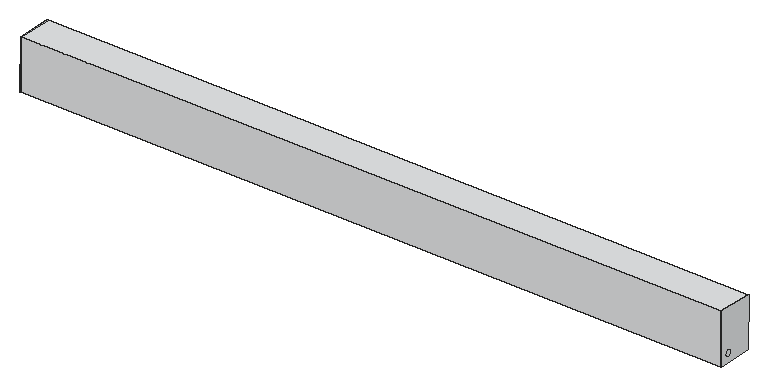
Revit family "Window_Shade-Draper_Inc.-Access_Dual_Roller_Flexshade", category Specialty Equipment, Revit 2012
Parameters (values of type "NOT A TYPE - LOAD TYPE CATALOG")
  Width = 0' - 7"
  Voltage = 110 V
  URL = "http://www.DraperInc.com"
  Overall Height = 5' - 9 1/2"
  Lowered [instance] = no
  Head Box = yes
  Fascia Material = Paint - Draper - White
  Brackets Only = no
  Bead Chain = no
  Raised [instance] = not(Lowered)  # yes
  LightBloc Channel = no
  Front Shade Material = Fabric - Draper - Green Screen Revive 5%
  Product Page URL = "http://www.draperinc.com/WindowShades/shadeProducts.asp?detail=3"
  Product Name = "Dual Roller"  # constant formula
  Product Documentation Link = "http://www.draperinc.com/filedownload.asp?pathname=WindowShades/submittals&filename=AccessDualRoller_Sub.pdf"
  Power Factor = 1
  Phase = 1
  Number of Poles = 1
  Model = "Dual Roller FlexShade"  # constant formula
  Material = ""
  Manufacturer Contact = "1-800-238-7999"  # constant formula
  Manufacturer = "Draper Inc."  # constant formula
  Length = 8' - 2 7/8"
  Frequency = 60 Hz
  Dim A = 0' - 0 7/8"
  Description = "Dual Roller Shade"  # constant formula
  Depth = 0' - 4 3/4"
  C Length = if(Length < 2' 0 1/8", 2' 0 1/8", if(Length > 14' 0", 14' 0", Length))  # 8' - 2 7/8"
  C Heigth = if(Overall Height < 0' 4", 0' 4", if(Overall Height > 14' 0", 14' 0", Overall Height))  # 5' - 9 1/2"
  Back Shade Material = Fabric - Draper - SunBloc - Series SB900
  Apparent Load = 132 VA
Reference planes (in)
  plane 1 "Center (Front/Back)": y = 0
  plane 2: z = 0
  plane 3 "Center (Left/Right)": x = 0
  plane 4 "Front": y = -4.75
  plane 5 "Left": x = -49.4375
  plane 6 "Right": x = 49.4375
  plane 7 "Bottom": z = -69.5
  plane 8: x = -49.34375
  plane 9: x = 49.34375
  plane 10: z = -68.9775
  plane 11: x = -48.5625
  plane 12: x = 48.5625
  plane 13 "Top": z = 7
  plane 14: x = -49.0625
  plane 15: x = 49.0625
Forms (in)
  Extrusion 1, solid, material "Fabric - Draper - SunBloc - Series SB900" <- "Back Shade Material", visible <- "Lowered"
    sketch origin (0, 0, 0) x (0, 1, 0) y (0, 0, 1)
      loop
        spline (-0.34453, -68.9775) -> (-0.3326, -68.9501) -> (-0.32219, -68.91429) -> (-0.31368, -68.87136) -> (-0.30737, -68.82286) -> (-0.30349, -68.77053) -> (-0.30218, -68.71625) -> (-0.30349, -68.66197) -> (-0.30737, -68.60964) -> (-0.31368, -68.56114) -> (-0.32219, -68.51822) -> (-0.3326, -68.48241) -> (-0.34453, -68.455)
        line (-0.34453, -68.455) -> (-0.40547, -68.455)
        spline (-0.40547, -68.455) -> (-0.4174, -68.48241) -> (-0.42781, -68.51822) -> (-0.43632, -68.56114) -> (-0.44263, -68.60964) -> (-0.44651, -68.66197) -> (-0.44782, -68.71625) -> (-0.44651, -68.77053) -> (-0.44263, -68.82286) -> (-0.43632, -68.87136) -> (-0.42781, -68.91429) -> (-0.4174, -68.9501) -> (-0.40547, -68.9775)
        line (-0.40547, -68.9775) -> (-0.34453, -68.9775)
    from -48.5625 to 48.5625
  Sweep 2, solid, material "Fabric - Draper - SunBloc - Series SB900" <- "Back Shade Material", visible <- "Lowered"
    path origin (0, 0, 0) x (0, 1, 0) y (0, 0, 1)
      loop
        line (-0.375, 5.125) -> (-0.375, -68.455)
    profile origin (0, -0.375, -68.455) x (1, 0, 0) y (0, 1, 0)
      loop
        line (-48.5625, 0.03125) -> (-48.5625, -0.03125) -> (48.5625, -0.03125) -> (48.5625, 0.03125) -> (-48.5625, 0.03125)
  Extrusion 3, solid, material "Fabric - Draper - Green Screen Revive 5%" <- "Front Shade Material", visible <- "Lowered"
    sketch origin (0, -0.75, 0) x (0, 1, 0) y (0, 0, 1)
      loop
        spline (-0.62504, -69.5) -> (-0.61311, -69.4726) -> (-0.6027, -69.43679) -> (-0.59419, -69.39386) -> (-0.58788, -69.34536) -> (-0.584, -69.29303) -> (-0.58269, -69.23875) -> (-0.584, -69.18447) -> (-0.58788, -69.13214) -> (-0.59419, -69.08364) -> (-0.6027, -69.04072) -> (-0.61311, -69.00491) -> (-0.62504, -68.9775)
        line (-0.62504, -68.9775) -> (-0.68598, -68.9775)
        spline (-0.68598, -68.9775) -> (-0.69791, -69.00491) -> (-0.70832, -69.04072) -> (-0.71683, -69.08364) -> (-0.72314, -69.13214) -> (-0.72702, -69.18447) -> (-0.72833, -69.23875) -> (-0.72702, -69.29303) -> (-0.72314, -69.34536) -> (-0.71683, -69.39386) -> (-0.70832, -69.43679) -> (-0.69791, -69.4726) -> (-0.68598, -69.5)
        line (-0.68598, -69.5) -> (-0.62504, -69.5)
    from -48.5625 to 48.5625
  Sweep 4, solid, material "Fabric - Draper - Green Screen Revive 5%" <- "Front Shade Material", visible <- "Lowered"
    path origin (0, -0.75, 0) x (0, 1, 0) y (0, 0, 1)
      loop
        line (-0.65551, 5.125) -> (-0.65551, -68.9775)
    profile origin (0, -1.40551, -68.9775) x (1, 0, 0) y (0, 1, 0)
      loop
        line (-48.5625, 0.03125) -> (-48.5625, -0.03125) -> (48.5625, -0.03125) -> (48.5625, 0.03125) -> (-48.5625, 0.03125)
  Extrusion 5, solid, material "Paint - Draper - White" <- "Fascia Material"
    sketch origin (0, 0, 0) x (0, 1, 0) y (0, 0, 1)
      loop
        circle (-3.62333, 1.28201) r 0.36659
    from 49.4375 to 49.49743
  Sweep 6, solid, material "Paint - Draper - White" <- "Fascia Material", visible <- "LightBloc Channel"
    path origin (0, 0, 0) x (1, 0, 0) y (0, 0, 1)
      loop
        line (-49.4375, -69.5) -> (-49.4375, 0)
    profile "Lightbloc channel : Lightbloc channel" origin (-49.4375, 0, -34.75) x (-1, 0, 0) y (0, -1, 0)
      loop
        line (-0.30779, 0.6865) -> (-0.30779, 0.0635) -> (-0.0625, 0.0635) -> (-0.0625, 0.6865) -> (-0.30779, 0.6865)
      loop
        line (0, 0) -> (0, 1.50003) -> (-0.0625, 1.50003) -> (-0.0625, 0.75) -> (-2.75, 0.75) -> (-2.75, 0.5625) -> (-2.70313, 0.5625) -> (-2.70313, 0.60944) -> (-2.67019, 0.60944) -> (-2.70313, 0.42265) -> (-2.63329, 0.42265) -> (-2.6647, 0.60944) -> (-2.63329, 0.60944) -> (-2.63329, 0.5625) -> (-2.58682, 0.5625) -> (-2.58682, 0.6865) -> (-2.48665, 0.6865) -> (-2.48665, 0.5) -> (-2.38354, 0.5) -> (-2.38354, 0.6865) -> (-0.37029, 0.6865) -> (-0.37029, 0.0635) -> (-2.38354, 0.0635) -> (-2.38354, 0.25) -> (-2.48665, 0.25) -> (-2.48665, 0.0635) -> (-2.58682, 0.0635) -> (-2.58682, 0.1875) -> (-2.63329, 0.1875) -> (-2.63329, 0.13901) -> (-2.66496, 0.13901) -> (-2.63329, 0.32735) -> (-2.70313, 0.32735) -> (-2.66992, 0.13901) -> (-2.70313, 0.13901) -> (-2.70313, 0.1875) -> (-2.75, 0.1875) -> (-2.75, 0) -> (0, 0)
  Sweep 7, solid, material "Paint - Draper - White" <- "Fascia Material", visible <- "LightBloc Channel"
    path origin (0, 0, 0) x (1, 0, 0) y (0, 0, 1)
      loop
        line (49.4375, -69.5) -> (49.4375, 0)
    profile "Lightbloc channel : Lightbloc channel" origin (49.4375, 0, -34.75) x (-1, 0, 0) y (0, -1, 0)
      loop
        line (0.30779, 0.6865) -> (0.0625, 0.6865) -> (0.0625, 0.0635) -> (0.30779, 0.0635) -> (0.30779, 0.6865)
      loop
        line (0, 0) -> (2.75, 0) -> (2.75, 0.1875) -> (2.70313, 0.1875) -> (2.70313, 0.13901) -> (2.66992, 0.13901) -> (2.70313, 0.32735) -> (2.63329, 0.32735) -> (2.66496, 0.13901) -> (2.63329, 0.13901) -> (2.63329, 0.1875) -> (2.58682, 0.1875) -> (2.58682, 0.0635) -> (2.48665, 0.0635) -> (2.48665, 0.25) -> (2.38354, 0.25) -> (2.38354, 0.0635) -> (0.37029, 0.0635) -> (0.37029, 0.6865) -> (2.38354, 0.6865) -> (2.38354, 0.5) -> (2.48665, 0.5) -> (2.48665, 0.6865) -> (2.58682, 0.6865) -> (2.58682, 0.5625) -> (2.63329, 0.5625) -> (2.63329, 0.60944) -> (2.6647, 0.60944) -> (2.63329, 0.42265) -> (2.70313, 0.42265) -> (2.67019, 0.60944) -> (2.70313, 0.60944) -> (2.70313, 0.5625) -> (2.75, 0.5625) -> (2.75, 0.75) -> (0.0625, 0.75) -> (0.0625, 1.50003) -> (0, 1.50003) -> (0, 0)
  Sweep 8, solid, material "Paint - Draper - White" <- "Fascia Material", visible <- "LightBloc Channel"
    path origin (0, 0, 0) x (1, 0, 0) y (0, 0, 1)
      loop
        line (-46.6875, -69.5) -> (46.6875, -69.5)
    profile "Lightbloc Track : Lightbloc Track" origin (0, 0, -69.5) x (0, 0, 1) y (0, -1, 0)
      loop
        line (0.0625, 0.6875) -> (0.0625, 0.0625) -> (0.71265, 0.0625) -> (0.71265, 0.6875) -> (0.0625, 0.6875)
      loop
        line (0, 0.75) -> (0, 0) -> (2.75, 0) -> (2.75, 0.1875) -> (2.6875, 0.1875) -> (2.6875, 0.0625) -> (0.77515, 0.0625) -> (0.77515, 0.6875) -> (2.6875, 0.6875) -> (2.6875, 0.5625) -> (2.75, 0.5625) -> (2.75, 0.75) -> (0, 0.75)
  Sweep 9, solid, material "Metal - Draper - Chain", visible <- "Bead Chain", detail levels medium+fine
    path origin (49.0625, -60, 48) x (0, -1, 0) y (0, 0, 1)
      loop
        line (-57.09935, -44.49322) -> (-57.22435, -44.49322)
        arc (-57.22435, -44.49322) -> (-57.75468, -44.71289) -> (-57.97435, -45.24322) r 0.75
        line (-57.97435, -45.24322) -> (-57.97435, -110.76224)
        arc (-57.97435, -110.76224) -> (-57.75468, -111.29257) -> (-57.22435, -111.51224) r 0.75
        line (-57.22435, -111.51224) -> (-57.09935, -111.51224)
        arc (-57.09935, -111.51224) -> (-56.56902, -111.29257) -> (-56.34935, -110.76224) r 0.75
        line (-56.34935, -110.76224) -> (-56.34935, -45.24322)
        arc (-56.34935, -45.24322) -> (-56.56902, -44.71289) -> (-57.09935, -44.49322) r 0.75
    profile origin (49.0625, -3.65065, -30.00273) x (0, 1, 0) y (-1, 0, 0)
      loop
        circle (0, 0) r 0.03125
  Sweep 10, solid, material "Metal - Draper - Chain", visible <- "Bead Chain", detail levels medium+fine
    path origin (-49.0625, -60, 48) x (0, -1, 0) y (0, 0, 1)
      loop
        line (-57.09935, -44.49998) -> (-57.22435, -44.49998)
        arc (-57.22435, -44.49998) -> (-57.75468, -44.71965) -> (-57.97435, -45.24998) r 0.75
        line (-57.97435, -45.24998) -> (-57.97435, -110.75369)
        arc (-57.97435, -110.75369) -> (-57.75468, -111.28402) -> (-57.22435, -111.50369) r 0.75
        line (-57.22435, -111.50369) -> (-57.09935, -111.50369)
        arc (-57.09935, -111.50369) -> (-56.56902, -111.28402) -> (-56.34935, -110.75369) r 0.75
        line (-56.34935, -110.75369) -> (-56.34935, -45.24998)
        arc (-56.34935, -45.24998) -> (-56.56902, -44.71965) -> (-57.09935, -44.49998) r 0.75
    profile origin (-49.0625, -3.65065, -30.00184) x (0, 1, 0) y (-1, 0, 0)
      loop
        circle (0, 0) r 0.03125
Lines and regions (in)
  Masking region 1
    outline origin (0, 0, 0) x (1, 0, 0) y (0, 1, 0)
      loop
        line (-49.4375, 0) -> (-49.4375, -4.75) -> (49.4375, -4.75) -> (49.4375, 0) -> (-49.4375, 0)
  Masking region 2
    outline origin (0, 0, 0) x (1, 0, 0) y (0, 1, 0)
      loop
        line (49.4375, -4.75) -> (49.4375, 0) -> (49.34375, 0) -> (49.34375, -4.75) -> (49.4375, -4.75)
  Masking region 3
    outline origin (-98.4375, 0, 0) x (1, 0, 0) y (0, 1, 0)
      loop
        line (49.09375, -4.75) -> (49.09375, 0) -> (49, 0) -> (49, -4.75) -> (49.09375, -4.75)
  Masking region 4
    outline origin (0, 0, 0) x (0, 1, 0) y (0, 0, 1)
      loop
        line (0, 7) -> (-4.75, 7) -> (-4.75, 0) -> (0, 0) -> (0, 7)
  symbolic lines, detail levels fine
    curve 1: circle (-49.19169, 0, 6.36249) r 0.0625 normal (0, -1, 0)
    curve 2: circle (49.19169, 0, 6.36249) r 0.0625 normal (0, 1, 0)
  symbolic lines, detail levels medium+fine
    curve 3: line (49.4375, -4.625, 0) -> (-49.4375, -4.625, 0)
    curve 4: line (-49.34375, -0.31526, 0) -> (49.36701, -0.31526, 0)
    curve 5: line (-49.34375, -2.19172, 0) -> (-49.34375, -0.31526, 0)
    curve 6: line (49.36701, -2.19172, 0) -> (-49.34375, -2.19172, 0)
    curve 7: line (49.36701, -0.31526, 0) -> (49.36701, -2.19172, 0)
Dimensions and locks (in)
  plane 1 "Center (Front/Back)" to plane 4 "Front" = 0' - 4 3/4"
  locked: plane 10 to plane 7 "Bottom" at 0.5225
  "Dim A": plane 5 "Left" to plane 11
  "Dim A": plane 12 to plane 6 "Right"
  Sweep 2 sketch curve to profile plane to Sweep 2 sketch curve = 0' - 0 1/32" locked, 0' - 0 1/32" locked
  plane 13 "Top" to Sweep 2 sketch curve = 0' - 1 7/8"
  "Depth": plane 1 "Center (Front/Back)" to plane 4 "Front"
  "Overall Height": plane 7 "Bottom" to level
  equal spacing: plane 5 "Left", plane 3 "Center (Left/Right)", plane 6 "Right"
  "Length": plane 5 "Left" to plane 6 "Right"
  locked: plane 10 to Sweep 2 sketch curve at 0.5225
  plane 1 "Center (Front/Back)" to Sweep 2 sketch curve = 0' - 0 3/8"
  locked: plane 13 "Top" to curve 1 at 0.63751
  locked: plane 5 "Left" to curve 1 at 0.24581
  locked: curve 2 to plane 6 "Right" at 0.24581
  locked: plane 13 "Top" to curve 2 at 0.63751
  "Width": plane 13 "Top" to plane 2
  Extrusion 1 sketch curve to Extrusion 1 sketch curve to Extrusion 1 sketch curve = 0' - 0.07282" locked, 0' - 0.07282" locked
  locked: plane 5 "Left" to plane 8 at 0.09375
  locked: plane 9 to plane 6 "Right" at 0.09375
  Sweep 4 sketch curve to profile plane to Sweep 4 sketch curve = 0' - 0 1/32" locked, 0' - 0 1/32" locked
  Extrusion 3 sketch curve to Extrusion 3 sketch curve to Extrusion 3 sketch curve = 0' - 0.07282" locked, 0' - 0.07282" locked
  locked: plane 1 "Center (Front/Back)" to Sweep 4 sketch curve at 1.40551
  locked: plane 13 "Top" to Sweep 4 sketch curve at 1.875
  locked: plane 10 to Sweep 4 sketch curve at 0
  locked: plane 10 to Extrusion 1 sketch curve at 0.5225
  locked: plane 6 "Right" to Extrusion 5 at 0.05993
  locked: plane 4 "Front" to Extrusion 5 sketch curve at 1.12667
  locked: Extrusion 5 sketch curve to plane 2 at 1.28201
  locked: plane 5 "Left" to Sweep 8 sketch curve at 2.75
  locked: Sweep 8 sketch curve to plane 6 "Right" at 2.75
  Sweep 9 sketch curve to Sweep 9 sketch curve to plane 1 "Center (Front/Back)" = 0' - 1 5/8" locked, 0' - 2.02565" locked
  Sweep 10 sketch curve to Sweep 10 sketch curve to plane 1 "Center (Front/Back)" = 0' - 1 5/8" locked, 0' - 2.02565" locked
  locked: plane 5 "Left" to plane 14 at 0.375
  locked: plane 15 to plane 6 "Right" at 0.375
  locked: Sweep 10 sketch curve to plane 7 "Bottom" at 5.99631
  locked: Sweep 10 sketch curve to plane 7 "Bottom" at 6.74631  (x2)
  locked: plane 13 "Top" to Sweep 10 sketch curve at 3.49998
  locked: plane 13 "Top" to Sweep 10 sketch curve at 4.24998  (x2)
  locked: Sweep 9 sketch curve to plane 7 "Bottom" at 5.98776
  locked: Sweep 9 sketch curve to plane 7 "Bottom" at 6.73776  (x2)
  locked: plane 13 "Top" to Sweep 9 sketch curve at 3.49322
  locked: plane 13 "Top" to Sweep 9 sketch curve at 4.24322  (x2)
  aligned and locked: level to plane 2
  aligned and locked: plane 11 to Sweep 2 sketch curve
  aligned and locked: Sweep 2 sketch curve to plane 12
  aligned and locked: plane 4 "Front" to Masking region 2 sketch curve
  aligned and locked: plane 1 "Center (Front/Back)" to Masking region 3 sketch curve
  aligned and locked: plane 8 to Masking region 3 sketch curve
  aligned and locked: Masking region 3 sketch curve to plane 5 "Left"
  aligned and locked: plane 4 "Front" to Masking region 3 sketch curve
  aligned and locked: plane 11 to Extrusion 1
  aligned and locked: Extrusion 1 to plane 12
  aligned and locked: plane 1 "Center (Front/Back)" to Masking region 1 sketch curve
  aligned and locked: Masking region 1 sketch curve to plane 5 "Left"
  aligned and locked: Masking region 1 sketch curve to plane 4 "Front"
  aligned and locked: Masking region 1 sketch curve to plane 6 "Right"
  aligned and locked: plane 6 "Right" to curve 3
  aligned and locked: plane 5 "Left" to curve 3
  aligned and locked: plane 10 to Extrusion 3 sketch curve
  aligned and locked: plane 7 "Bottom" to Extrusion 3 sketch curve
  aligned and locked: Extrusion 1 sketch curve to plane 10
  aligned and locked: plane 6 "Right" to Extrusion 5
  aligned and locked: Sweep 4 sketch curve to plane 11
  aligned and locked: plane 12 to Sweep 4 sketch curve
  aligned and locked: Extrusion 3 to plane 12
  aligned and locked: plane 11 to Extrusion 3
  aligned and locked: Sweep 6 sketch curve to plane 5 "Left"
  aligned and locked: plane 7 "Bottom" to Sweep 6 sketch curve
  aligned and locked: plane 2 to Sweep 6 sketch curve
  aligned and locked: Sweep 7 sketch curve to plane 6 "Right"
  aligned and locked: plane 7 "Bottom" to Sweep 7 sketch curve
  aligned and locked: plane 2 to Sweep 7 sketch curve
  aligned and locked: Sweep 8 sketch curve to plane 7 "Bottom"
  aligned and locked: plane 3 "Center (Left/Right)" to nested 1
  aligned and locked: plane 1 "Center (Front/Back)" to nested 1
  aligned and locked: plane 13 "Top" to nested 1
  aligned and locked: plane 3 "Center (Left/Right)" to nested 2
  aligned and locked: plane 1 "Center (Front/Back)" to nested 2
  aligned and locked: plane 2 to nested 2
  aligned and locked: Sweep 9 sketch curve to Sweep 9 sketch curve  (x3)
  aligned and locked: Sweep 10 sketch curve to Sweep 10 sketch curve  (x3)
Automatic sketch dimensions
  plane 1 "Center (Front/Back)" to Extrusion 1 sketch curve = 0' - 0.40547"
  Extrusion 1 sketch curve to Extrusion 1 sketch curve = 0' - 0"  (x2)
  Extrusion 1 sketch curve to Extrusion 1 sketch curve = 0' - 0.03047"  (x2)
  Extrusion 1 sketch curve to Extrusion 1 sketch curve = 0' - 0.06093"
  plane 1 "Center (Front/Back)" to Masking region 2 sketch curve = 0' - 0"
  plane 1 "Center (Front/Back)" to Extrusion 3 sketch curve = 0' - 1.43598"
  Extrusion 3 sketch curve to Extrusion 3 sketch curve = 0' - 0"  (x2)
  Extrusion 3 sketch curve to Extrusion 3 sketch curve = 0' - 0.03047"  (x2)
  Extrusion 3 sketch curve to Extrusion 3 sketch curve = 0' - 0.06093"
  plane 4 "Front" to curve 3 = 0' - 0 1/8"
  curve 4 to plane 8 = 0' - 0"
  curve 6 to plane 9 = 0' - 0.02326"
  plane 1 "Center (Front/Back)" to curve 6 = 0' - 2.19172"
  plane 1 "Center (Front/Back)" to curve 4 = 0' - 0.31526"
  Masking region 4 sketch curve to plane 4 "Front" = 0' - 0"
  Masking region 4 sketch curve to plane 1 "Center (Front/Back)" = 0' - 0"
  Masking region 4 sketch curve to plane 13 "Top" = 0' - 0"
  Masking region 2 sketch curve to plane 9 = 0' - 0"
  Masking region 2 sketch curve to plane 6 "Right" = 0' - 0"
  Masking region 4 sketch curve to level = 0' - 0"
  profile plane to Sweep 9 sketch curve = 0' - 0"
  Sweep 9 sketch curve to profile plane = 0' - 0"
  profile plane to Sweep 10 sketch curve = 0' - 0"
  Sweep 10 sketch curve to profile plane = 0' - 0"
  radius of curve 1 = 0' - 0 1/16"
  radius of curve 2 = 0' - 0 1/16"
  radius of Extrusion 5 sketch curve = 0' - 0.36659"
  radius of Sweep 9 sketch curve = 0' - 0 1/32"
  radius of Sweep 10 sketch curve = 0' - 0 1/32"
Nested families (in)
  nested 1: "Headbox Dual Roller" at (0, 0, 0), visible <- "Head Box", type "Headbox Dual Roller"
  nested 2: "Brackets Dual Roller" at (0, 0, 0), visible <- "Brackets Only", type "Brackets Dual Roller"
Connectors (in)
  electrical at (49.49743, -3.62333, 1.28201), driven by "Number of Poles", driven by "Voltage", driven by "Apparent Load", driven by "Power Factor"
    settings: on Extrusion 5, index 1, voltage 110 V, apparent load 0 VA, apparent load phase1 132 VA, apparent load phase2 0 VA, apparent load phase3 0 VA, power factor 1, load classification "Other", number of poles 1, system type 31, power factor state 1, is connector primary yes, connector utility no, sub classification motor no, connector description "Power Connection"
Definition of nested family "Headbox Dual Roller"
  Parameters (values of type "Headbox Dual Roller")
    Width = 0' - 7"
    URL = "http://www.DraperInc.com"
    Product Page URL = "http://www.draperinc.com/WindowShades/shadeProducts.asp?detail=16"
    Product Name = "Dual Roller"  # constant formula
    Product Documentation Link = "http://www.draperinc.com/filedownload.asp?pathname=WindowShades/CAD&filename=AccessDualRoller.pdf"
    Model = "Dual Roller FlexShade"  # constant formula
    Manufacturer Contact = "1-800-238-7999"  # constant formula
    Manufacturer = "Draper Inc."  # constant formula
    Overall Height = 3' - 0"
    Length = 8' - 2 7/8"
    Fascia Material = none
    Dim A = 0' - 0 31/32"
    Description = "Dual Roller Shade"  # constant formula
    Depth = 0' - 4 3/4"
  Reference planes (in)
    plane 1 "Center (Front/Back)": y = 0
    plane 2: z = 0
    plane 3 "Center (Left/Right)": x = 0
    plane 4 "Front": y = -4.75
    plane 5 "Left": x = -49.4375
    plane 6 "Right": x = 49.4375
    plane 7: x = -49.34375
    plane 8: x = 49.34375
    plane 9: x = -48.46875
    plane 10: x = 48.46875
    plane 11 "Top": z = 7
  Forms (in)
    Extrusion 1, solid, material <- "Fascia Material"
      sketch origin (0, 0, 0) x (0, 1, 0) y (0, 0, 1)
        loop
          line (0, 7) -> (-4.75, 7) -> (-4.75, 0) -> (-2.19172, 0) -> (-2.19172, 0.125) -> (-4.625, 0.125) -> (-4.625, 6.875) -> (-0.125, 6.875) -> (-0.125, 0.125) -> (-0.31526, 0.125) -> (-0.31526, 0) -> (0, 0) -> (0, 7)
      from -49.34375 to 49.36701
    Extrusion 2, solid, material <- "Fascia Material"
      sketch origin (0, 0, 0) x (0, 1, 0) y (0, 0, 1)
        loop
          line (-4.75, 7) -> (-4.75, 0) -> (0, 0) -> (0, 7) -> (-4.75, 7)
      from 49.34375 to 49.4375
    Extrusion 3, solid, material <- "Fascia Material"
      sketch origin (0, 0, 0) x (0, 1, 0) y (0, 0, 1)
        loop
          line (0, 7) -> (-4.75, 7) -> (-4.75, 0) -> (0, 0) -> (0, 7)
      from -49.4375 to -49.34375
    Extrusion 4, solid, material <- "Fascia Material"
      sketch origin (0, 0, 0) x (0, 1, 0) y (0, 0, 1)
        loop
          circle (-3.62333, 1.28201) r 0.36659
      from 49.4375 to 49.49743
  Lines and regions (in)
    Masking region 1
      outline origin (0, 0, 0) x (1, 0, 0) y (0, 1, 0)
        loop
          line (-49.4375, 0) -> (-49.4375, -4.75) -> (49.4375, -4.75) -> (49.4375, 0) -> (-49.4375, 0)
    Masking region 2
      outline origin (0, 0, 0) x (1, 0, 0) y (0, 1, 0)
        loop
          line (49.4375, -4.75) -> (49.4375, 0) -> (49.34375, 0) -> (49.34375, -4.75) -> (49.4375, -4.75)
    Masking region 3
      outline origin (-98.4375, 0, 0) x (1, 0, 0) y (0, 1, 0)
        loop
          line (49.09375, -4.75) -> (49.09375, 0) -> (49, 0) -> (49, -4.75) -> (49.09375, -4.75)
    Masking region 4
      outline origin (0, 0, 0) x (0, 1, 0) y (0, 0, 1)
        loop
          line (0, 7) -> (-4.75, 7) -> (-4.75, 0) -> (0, 0) -> (0, 7)
    symbolic lines, detail levels fine
      curve 1: circle (-49.19169, 0, 6.36249) r 0.0625 normal (0, -1, 0)
      curve 2: circle (49.19169, 0, 6.36249) r 0.0625 normal (0, 1, 0)
    symbolic lines, detail levels medium+fine
      curve 3: line (49.4375, -4.625, 0) -> (-49.4375, -4.625, 0)
      curve 4: line (-49.34375, -0.31526, 0) -> (49.36701, -0.31526, 0)
      curve 5: line (-49.34375, -2.19172, 0) -> (-49.34375, -0.31526, 0)
      curve 6: line (49.36701, -2.19172, 0) -> (-49.34375, -2.19172, 0)
      curve 7: line (49.36701, -0.31526, 0) -> (49.36701, -2.19172, 0)
  Dimensions and locks (in)
    plane 1 "Center (Front/Back)" to plane 4 "Front" = 0' - 4 3/4"
    "Dim A": plane 5 "Left" to plane 9
    "Dim A": plane 10 to plane 6 "Right"
    "Depth": plane 1 "Center (Front/Back)" to plane 4 "Front"
    equal spacing: plane 5 "Left", plane 3 "Center (Left/Right)", plane 6 "Right"
    "Length": plane 5 "Left" to plane 6 "Right"
    plane 5 "Left" to Extrusion 1 = 0' - 0 3/32"
    locked: Extrusion 1 to plane 6 "Right" at 0.07049
    locked: plane 11 "Top" to curve 1 at 0.63751
    locked: plane 5 "Left" to curve 1 at 0.24581
    locked: curve 2 to plane 6 "Right" at 0.24581
    locked: plane 11 "Top" to curve 2 at 0.63751
    "Width": plane 11 "Top" to plane 2
    locked: plane 1 "Center (Front/Back)" to Extrusion 1 sketch curve at 0.125
    locked: Extrusion 1 sketch curve to plane 4 "Front" at 0.125
    locked: plane 11 "Top" to Extrusion 1 sketch curve at 0.125
    locked: Extrusion 1 sketch curve to plane 2 at 0.125  (x2)
    locked: Extrusion 1 to plane 4 "Front" at 0.125
    locked: plane 5 "Left" to plane 7 at 0.09375
    locked: plane 8 to plane 6 "Right" at 0.09375
    Extrusion 1 sketch curve to Extrusion 1 sketch curve to plane 4 "Front" = 0' - 1.87646" locked, 0' - 2.55828" locked
    locked: plane 6 "Right" to Extrusion 4 at 0.05993
    locked: plane 4 "Front" to Extrusion 4 sketch curve at 1.12667
    locked: Extrusion 4 sketch curve to plane 2 at 1.28201
    aligned and locked: level to plane 2
    aligned and locked: Extrusion 2 to plane 6 "Right"
    aligned and locked: plane 8 to Extrusion 2
    aligned and locked: plane 5 "Left" to Extrusion 3
    aligned and locked: Extrusion 3 to plane 7
    aligned and locked: Masking region 2 sketch curve to Extrusion 2  (x2)
    aligned and locked: plane 4 "Front" to Masking region 2 sketch curve
    aligned and locked: plane 1 "Center (Front/Back)" to Masking region 3 sketch curve
    aligned and locked: plane 7 to Masking region 3 sketch curve
    aligned and locked: Masking region 3 sketch curve to plane 5 "Left"
    aligned and locked: plane 4 "Front" to Masking region 3 sketch curve
    aligned and locked: plane 11 "Top" to Extrusion 3 sketch curve
    aligned and locked: Extrusion 3 sketch curve to plane 1 "Center (Front/Back)"
    aligned and locked: Extrusion 3 sketch curve to level
    aligned and locked: Extrusion 3 sketch curve to plane 4 "Front"
    aligned and locked: Extrusion 1 sketch curve to Extrusion 2  (x4)
    aligned and locked: plane 7 to Extrusion 1
    aligned and locked: plane 1 "Center (Front/Back)" to Masking region 1 sketch curve
    aligned and locked: Masking region 1 sketch curve to plane 5 "Left"
    aligned and locked: Masking region 1 sketch curve to plane 4 "Front"
    aligned and locked: Masking region 1 sketch curve to plane 6 "Right"
    aligned and locked: plane 6 "Right" to curve 3
    aligned and locked: plane 5 "Left" to curve 3
    aligned and locked: Masking region 4 sketch curve to Extrusion 1  (x3)
    aligned and locked: Masking region 4 sketch curve to Extrusion 2
    aligned and locked: plane 6 "Right" to Extrusion 4
    aligned and locked: curve 4 to Extrusion 1
    aligned and locked: curve 5 to Extrusion 1
    aligned and locked: curve 6 to Extrusion 1
    aligned and locked: curve 7 to Extrusion 1
  Automatic sketch dimensions
    Extrusion 2 sketch curve to level = 0' - 0"
    Extrusion 2 sketch curve to plane 4 "Front" = 0' - 0"
    Extrusion 2 sketch curve to plane 1 "Center (Front/Back)" = 0' - 0"
    Extrusion 2 sketch curve to plane 11 "Top" = 0' - 0"
    plane 1 "Center (Front/Back)" to Masking region 2 sketch curve = 0' - 0"
    Extrusion 1 sketch curve to level = 0' - 0"
    plane 4 "Front" to curve 3 = 0' - 0 1/8"
    radius of curve 1 = 0' - 0 1/16"
    radius of curve 2 = 0' - 0 1/16"
    radius of Extrusion 4 sketch curve = 0' - 0.36659"
Definition of nested family "Brackets Dual Roller"
  Parameters (values of type "Brackets Dual Roller")
    Width = 0' - 7"
    URL = "http://www.DraperInc.com"
    Shade Material = none
    Product Page URL = "http://www.draperinc.com/WindowShades/shadeProducts.asp?detail=16"
    Product Name = "Dual Roller"  # constant formula
    Product Documentation Link = "http://www.draperinc.com/filedownload.asp?pathname=WindowShades/CAD&filename=AccessDualRoller.pdf"
    Model = "Dual Roller FlexShade"  # constant formula
    Manufacturer Contact = "1-800-238-7999"  # constant formula
    Manufacturer = "Draper Inc."  # constant formula
    Overall Height = 3' - 0"
    Length = 8' - 2 7/8"
    Fascia Material = none
    Dim A = 0' - 0 31/32"
    Description = "Dual Roller Shade"  # constant formula
    Depth = 0' - 4 3/4"
  Reference planes (in)
    plane 1 "Center (Front/Back)": y = 0
    plane 2: z = 0
    plane 3 "Center (Left/Right)": x = 0
    plane 4 "Front": y = -4.75
    plane 5 "Left": x = -49.4375
    plane 6 "Right": x = 49.4375
    plane 7: x = -49.34375
    plane 8: x = 49.34375
    plane 9: x = -48.46875
    plane 10: x = 48.46875
    plane 11 "Top": z = 7
  Forms (in)
    Extrusion 1, solid, material <- "Shade Material"
      sketch origin (0, 0, 0) x (0, 1, 0) y (0, 0, 1)
        loop
          circle (-1.60551, 5.18732) r 1.39537
        loop
          circle (-2.88262, 1.98168) r 1.51845
      from -49.34375 to 49.36701
    Extrusion 2, solid, material <- "Fascia Material"
      sketch origin (0, 0, 0) x (0, 1, 0) y (0, 0, 1)
        loop
          line (-4.75, 7) -> (-4.75, 0) -> (0, 0) -> (0, 7) -> (-4.75, 7)
      from 49.34375 to 49.4375
    Extrusion 3, solid, material <- "Fascia Material"
      sketch origin (0, 0, 0) x (0, 1, 0) y (0, 0, 1)
        loop
          line (0, 7) -> (-4.75, 7) -> (-4.75, 0) -> (0, 0) -> (0, 7)
      from -49.4375 to -49.34375
    Extrusion 4, solid, material <- "Fascia Material"
      sketch origin (0, 0, 0) x (0, 1, 0) y (0, 0, 1)
        loop
          circle (-3.62333, 1.28201) r 0.36659
      from 49.4375 to 49.49743
  Lines and regions (in)
    Masking region 1
      outline origin (0, 0, 0) x (1, 0, 0) y (0, 1, 0)
        loop
          line (-49.4375, 0) -> (-49.4375, -4.75) -> (49.4375, -4.75) -> (49.4375, 0) -> (-49.4375, 0)
    Masking region 2
      outline origin (0, 0, 0) x (1, 0, 0) y (0, 1, 0)
        loop
          line (49.4375, -4.75) -> (49.4375, 0) -> (49.34375, 0) -> (49.34375, -4.75) -> (49.4375, -4.75)
    Masking region 3
      outline origin (-98.4375, 0, 0) x (1, 0, 0) y (0, 1, 0)
        loop
          line (49.09375, -4.75) -> (49.09375, 0) -> (49, 0) -> (49, -4.75) -> (49.09375, -4.75)
    Masking region 4
      outline origin (0, 0, 0) x (0, 1, 0) y (0, 0, 1)
        loop
          line (0, 7) -> (-4.75, 7) -> (-4.75, 0) -> (0, 0) -> (0, 7)
    symbolic lines, detail levels fine
      curve 1: circle (-49.19169, 0, 6.36249) r 0.0625 normal (0, -1, 0)
      curve 2: circle (49.19169, 0, 6.36249) r 0.0625 normal (0, 1, 0)
    symbolic lines, detail levels medium+fine
      curve 3: line (49.4375, -4.625, 0) -> (-49.4375, -4.625, 0)
      curve 4: line (-49.34375, -0.31526, 0) -> (49.36701, -0.31526, 0)
      curve 5: line (-49.34375, -2.19172, 0) -> (-49.34375, -0.31526, 0)
      curve 6: line (49.36701, -2.19172, 0) -> (-49.34375, -2.19172, 0)
      curve 7: line (49.36701, -0.31526, 0) -> (49.36701, -2.19172, 0)
    symbolic lines, style "SpecialityEquipment"
      curve 8: line (0, 0, 6.96664) -> (0, -4.75, 6.96664)
      curve 9: line (0, 0, 0) -> (0, 0, 6.96664)
      curve 10: line (0, -4.75, 0) -> (0, 0, 0)
      curve 11: line (0, -4.75, 6.96664) -> (0, -4.75, 0)
      curve 12: circle (0, -1.60551, 5.18732) r 1.39537 normal (1, 0, 0)
      curve 13: circle (0, -2.88262, 1.98168) r 1.51845 normal (1, 0, 0)
  Dimensions and locks (in)
    plane 1 "Center (Front/Back)" to plane 4 "Front" = 0' - 4 3/4"
    "Dim A": plane 5 "Left" to plane 9
    "Dim A": plane 10 to plane 6 "Right"
    "Depth": plane 1 "Center (Front/Back)" to plane 4 "Front"
    equal spacing: plane 5 "Left", plane 3 "Center (Left/Right)", plane 6 "Right"
    "Length": plane 5 "Left" to plane 6 "Right"
    plane 5 "Left" to Extrusion 1 = 0' - 0 3/32"
    locked: Extrusion 1 to plane 6 "Right" at 0.07049
    locked: plane 11 "Top" to curve 1 at 0.63751
    locked: plane 5 "Left" to curve 1 at 0.24581
    locked: curve 2 to plane 6 "Right" at 0.24581
    locked: plane 11 "Top" to curve 2 at 0.63751
    "Width": plane 11 "Top" to plane 2
    locked: plane 5 "Left" to plane 7 at 0.09375
    locked: plane 8 to plane 6 "Right" at 0.09375
    locked: plane 6 "Right" to Extrusion 4 at 0.05993
    locked: plane 4 "Front" to Extrusion 4 sketch curve at 1.12667
    locked: Extrusion 4 sketch curve to plane 2 at 1.28201
    aligned and locked: level to plane 2
    aligned and locked: Extrusion 2 to plane 6 "Right"
    aligned and locked: plane 8 to Extrusion 2
    aligned and locked: plane 5 "Left" to Extrusion 3
    aligned and locked: Extrusion 3 to plane 7
    aligned and locked: Masking region 2 sketch curve to Extrusion 2  (x2)
    aligned and locked: plane 4 "Front" to Masking region 2 sketch curve
    aligned and locked: plane 1 "Center (Front/Back)" to Masking region 3 sketch curve
    aligned and locked: plane 7 to Masking region 3 sketch curve
    aligned and locked: Masking region 3 sketch curve to plane 5 "Left"
    aligned and locked: plane 4 "Front" to Masking region 3 sketch curve
    aligned and locked: plane 11 "Top" to Extrusion 3 sketch curve
    aligned and locked: Extrusion 3 sketch curve to plane 1 "Center (Front/Back)"
    aligned and locked: Extrusion 3 sketch curve to level
    aligned and locked: Extrusion 3 sketch curve to plane 4 "Front"
    aligned and locked: plane 7 to Extrusion 1
    aligned and locked: plane 1 "Center (Front/Back)" to Masking region 1 sketch curve
    aligned and locked: Masking region 1 sketch curve to plane 5 "Left"
    aligned and locked: Masking region 1 sketch curve to plane 4 "Front"
    aligned and locked: Masking region 1 sketch curve to plane 6 "Right"
    aligned and locked: plane 6 "Right" to curve 3
    aligned and locked: plane 5 "Left" to curve 3
    aligned and locked: Masking region 4 sketch curve to Extrusion 2
    aligned and locked: plane 6 "Right" to Extrusion 4
    aligned and locked: curve 5 to Extrusion 1
    aligned and locked: curve 7 to Extrusion 1
  Automatic sketch dimensions
    Extrusion 2 sketch curve to level = 0' - 0"
    Extrusion 2 sketch curve to plane 4 "Front" = 0' - 0"
    Extrusion 2 sketch curve to plane 1 "Center (Front/Back)" = 0' - 0"
    Extrusion 2 sketch curve to plane 11 "Top" = 0' - 0"
    plane 1 "Center (Front/Back)" to Masking region 2 sketch curve = 0' - 0"
    plane 4 "Front" to curve 3 = 0' - 0 1/8"
    plane 4 "Front" to curve 8 = 0' - 0"
    curve 10 to curve 13 = 0' - 1.86738"
    curve 13 to curve 12 = 0' - 1.2771"
    curve 13 to curve 9 = 0' - 2.88262"
    curve 11 to plane 11 "Top" = 0' - 7"
    curve 10 to curve 13 = 0' - 1.98168"
    curve 13 to curve 12 = 0' - 3.20564"
    curve 12 to curve 8 = 0' - 1.77932"
    plane 1 "Center (Front/Back)" to curve 6 = 0' - 2.19172"
    plane 1 "Center (Front/Back)" to curve 4 = 0' - 0.31526"
    Masking region 4 sketch curve to plane 4 "Front" = 0' - 0"
    Masking region 4 sketch curve to plane 1 "Center (Front/Back)" = 0' - 0"
    Masking region 4 sketch curve to plane 11 "Top" = 0' - 0"
    radius of curve 1 = 0' - 0 1/16"
    radius of curve 2 = 0' - 0 1/16"
    radius of Extrusion 4 sketch curve = 0' - 0.36659"
    radius of curve 12 = 0' - 1.39537"
    radius of curve 13 = 0' - 1.51845"
Types in the file's own list only (12): name | Width | Voltage | Overall Height | Head Box | Brackets Only | Bead Chain | Product Page URL | Power Factor | Length | Frequency | Dim A | Depth | C Length | C Heigth | Back Shade Material | Apparent Load
  Headbox - 110V Standard/ILT | 7" | 110 V | 5' - 9 1/2" | Yes | No | No | "http://www.draperinc.com/WindowShades/shadeProducts.asp?detail=3" | 1 | 8' - 2 7/8" | 60 Hz | 7/8" | 4 3/4" | 8' - 2 7/8" | 5' - 9 1/2" | Fabric - Draper - SunBloc - Series SB900 | 132 VA
  Headbox - 220V Standard/ILT | 7" | 220 V | 5' - 9 1/2" | Yes | No | No | "http://www.draperinc.com/WindowShades/shadeProducts.asp?detail=3" | 1 | 8' - 2 7/8" | 60 Hz | 7/8" | 4 3/4" | 8' - 2 7/8" | 5' - 9 1/2" | Fabric - Draper - SunBloc - Series SB900 | 132 VA
  Headbox - 110V Quiet | 7" | 110 V | 5' - 9 1/2" | Yes | No | No | "http://www.draperinc.com/WindowShades/shadeProducts.asp?detail=3" | 1 | 8' - 2 7/8" | 60 Hz | 31/32" | 4 3/4" | 8' - 2 7/8" | 5' - 9 1/2" | Fabric - Draper - SunBloc - Series SB900 | 132 VA
  Headbox - 220V Quiet | 7" | 110 V | 5' - 9 1/2" | Yes | No | No | "http://www.draperinc.com/WindowShades/shadeProducts.asp?detail=3" | 1 | 8' - 2 7/8" | 60 Hz | 31/32" | 4 3/4" | 8' - 2 7/8" | 5' - 9 1/2" | Fabric - Draper - SunBloc - Series SB900 | 132 VA
  Headbox - Battery/24V | 7" | 0 V | 5' - 9 1/2" | Yes | No | No | "http://www.draperinc.com/WindowShades/shadeProducts.asp?detail=3" | 0 | 8' - 2 7/8" | 0 Hz | 31/32" | 4 3/4" | 8' - 2 7/8" | 5' - 9 1/2" | Paint - Draper - White | 0 VA
  Headbox - Bead Chain Clutch | 7" | 0 V | 3' - 0" | Yes | No | Yes | "http://www.draperinc.com/WindowShades/shadeProducts.asp?detail=16" | 0 | 3' - 0" | 0 Hz | 31/32" | 4 3/4" | 3' - 0" | 3' - 0" | Fabric - Draper - SunBloc - Series SB900 | 0 VA
  Brackets Only - 110V Quiet | 7" | 110 V | 5' - 9 1/2" | No | Yes | No | "http://www.draperinc.com/WindowShades/shadeProducts.asp?detail=3" | 1 | 8' - 2 7/8" | 60 Hz | 31/32" | 4 3/4" | 8' - 2 7/8" | 5' - 9 1/2" | Fabric - Draper - SunBloc - Series SB900 | 132 VA
  Brackets Only - 110V Standard/ILT | 7" | 110 V | 5' - 9 1/2" | No | Yes | No | "http://www.draperinc.com/WindowShades/shadeProducts.asp?detail=3" | 1 | 8' - 2 7/8" | 60 Hz | 7/8" | 4 3/4" | 8' - 2 7/8" | 5' - 9 1/2" | Fabric - Draper - SunBloc - Series SB900 | 132 VA
  Brackets Only - 220V Quiet | 7" | 110 V | 5' - 9 1/2" | No | Yes | No | "http://www.draperinc.com/WindowShades/shadeProducts.asp?detail=3" | 1 | 8' - 2 7/8" | 60 Hz | 31/32" | 4 3/4" | 8' - 2 7/8" | 5' - 9 1/2" | Fabric - Draper - SunBloc - Series SB900 | 132 VA
  Brackets Only - 220V Standard/ILT | 7" | 220 V | 5' - 9 1/2" | No | Yes | No | "http://www.draperinc.com/WindowShades/shadeProducts.asp?detail=3" | 1 | 8' - 2 7/8" | 60 Hz | 7/8" | 4 3/4" | 8' - 2 7/8" | 5' - 9 1/2" | Fabric - Draper - SunBloc - Series SB900 | 132 VA
  Brackets Only - Battery/24V | 7" | 0 V | 5' - 9 1/2" | No | Yes | No | "http://www.draperinc.com/WindowShades/shadeProducts.asp?detail=3" | 0 | 8' - 2 7/8" | 0 Hz | 31/32" | 4 3/4" | 8' - 2 7/8" | 5' - 9 1/2" | Paint - Draper - White | 0 VA
  Brackets Only - Bead Chain Clutch | 7" | 0 V | 3' - 0" | Yes | No | Yes | "http://www.draperinc.com/WindowShades/shadeProducts.asp?detail=16" | 0 | 3' - 0" | 0 Hz | 31/32" | 4 3/4" | 3' - 0" | 3' - 0" | Fabric - Draper - SunBloc - Series SB900 | 0 VA
